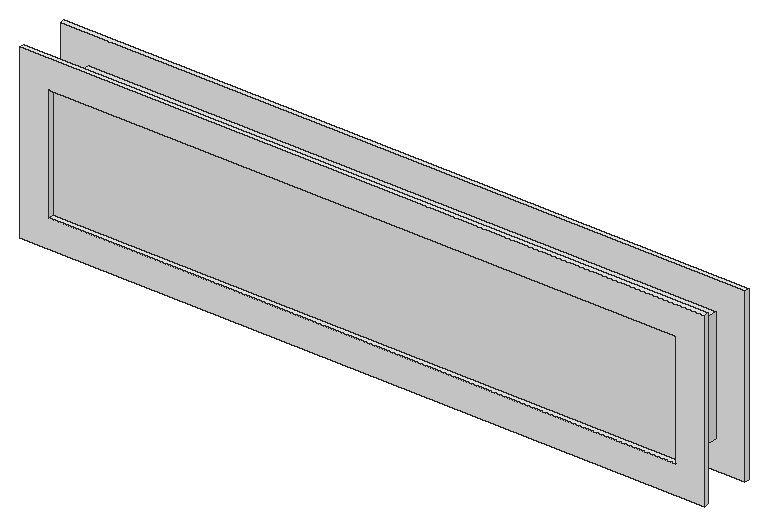
Revit family "DC_Holyoake_MEQ_DG-52-BFL_13", category Air Terminals, Revit 2014
Parameters (values of type "600 x 150")
  Width = 600 mm
  US Door Grille = 200 mm
  URL = "http://www.holyoake.com/"
  Type Comments = "Door Relief Grille"  # constant formula
  Static Pressure Min = "< 10 Pa"  # constant formula
  Static Pressure Max = "30 Pa"
  Noise Level NC Min = " < 10 NC "  # constant formula
  Noise Level NC Max = "28 NC"
  Model = "DG-25-BFL"
  Min Flow = 20.0 L/s
  Max Flow = 110.0 L/s
  Material Flange = Holyoake-Aluminium
  Material Body = Holyoake Door Grille
  Manufacturer = "Holyoake"  # constant formula
  Holyoake Product Range = " Holyoake Door Relief Grilles"  # constant formula
  Height = 150 mm
  Flange = 25 mm
  Door Thickness = 40 mm
  Description = "Door Relief Grilles shall be Holyoake Model D25BFL of extruded aluminium construction with sight proof Chevron Blades together with purpose made telescopic backing flange with concealed fixing system. Door Relief Grilles shall be suitable for 30mm to 52mm doors. Door Relief grilles shall be finished in Natural anodised aluminium, powder coat."  # constant formula
Types (8, lengths in mm): name | Static Pressure Max | Noise Level NC Max | Max Flow | Height
  (no name) | "30 Pa" | "28 NC" | 110.0 L/s | 150
  600 x 150 | "30 Pa" | "28 NC" | 110.0 L/s | 150
  600 x 200 | "33 Pa" | "33 NC" | 170.0 L/s | 200
  600 x 250 | "33 Pa" | "34 NC" | 220.0 L/s | 250
  600 x 300 | "34 Pa" | "35 NC" | 260.0 L/s | 300
  600 x 450 | "35 Pa" | "35 NC" | 390.0 L/s | 450
  600 x 600 | "32 Pa" | "35 NC" | 500.0 L/s | 600
  600 x 400 | "32 Pa" | "35 NC" | 340.0 L/s | 400
Reference planes
  plane 1 "Center (Front/Back)": y = 0
  plane 2: z = 0
  plane 3 "Center (Left/Right)": x = 0
  plane 4: x = 600
  plane 5: y = 40
  plane 6: z = 200
  plane 7: z = 350
Forms (mm)
  Extrusion 1, solid, material "Holyoake Door Grille" <- "Material Body"
    sketch origin (0, 0, 0) x (1, 0, 0) y (0, 0, 1)
      loop
        line (25, 325) -> (25, 225) -> (575, 225) -> (575, 325) -> (25, 325)
    from 0 to -40
  Sweep 2, solid, material "Holyoake-Aluminium" <- "Material Flange"
    path origin (0, 0, 0) x (1, 0, 0) y (0, 0, 1)
      loop
        line (0, 350) -> (0, 200) -> (600, 200) -> (600, 350) -> (0, 350)
    profile origin (300, 0, 350) x (0, 0, 1) y (0, -1, 0)
      loop
        line (0, 0) -> (0, 4) -> (-25, 4) -> (-25, 0) -> (0, 0)
  Sweep 3, solid, material "Holyoake-Aluminium" <- "Material Flange"
    path origin (0, 40, 0) x (1, 0, 0) y (0, 0, -1)
      loop
        line (0, -350) -> (600, -350) -> (600, -200) -> (0, -200) -> (0, -350)
    profile origin (300, 40, 350) x (0, 0, -1) y (0, 1, 0)
      loop
        line (0, 0) -> (25, 0) -> (25, 4) -> (0, 4) -> (0, 0)
Dimensions and locks
  "Door Thickness": plane 1 "Center (Front/Back)" to plane 5
  "Width": plane 3 "Center (Left/Right)" to plane 4
  "US Door Grille": plane 6 to level
  "Height": plane 7 to plane 6
  "Flange": Extrusion 1 sketch curve to plane 3 "Center (Left/Right)"
  "Flange": plane 4 to Extrusion 1 sketch curve
  "Flange": plane 7 to Extrusion 1 sketch curve
  "Flange": Extrusion 1 sketch curve to plane 6
  plane 7 to Extrusion 1 = 25 mm
  Extrusion 1 to plane 6 = 25 mm
  Extrusion 1 to plane 3 "Center (Left/Right)" = 25 mm
  plane 4 to Extrusion 1 = 25 mm
  locked: Sweep 3 sketch curve to Sweep 3 sketch curve at 25
  locked: Sweep 2 sketch curve to profile plane at 25
  aligned and locked: plane 5 to Extrusion 1
  aligned and locked: plane 3 "Center (Left/Right)" to Sweep 2 sketch curve
  aligned and locked: Sweep 2 sketch curve to plane 7
  aligned and locked: plane 6 to Sweep 2 sketch curve
  aligned and locked: Sweep 2 sketch curve to plane 4
  aligned and locked: Sweep 3 to plane 5
Automatic sketch dimensions
  Sweep 2 sketch curve to plane 1 "Center (Front/Back)" = 0 mm
  profile plane to Sweep 2 sketch curve = 0 mm
  plane 1 "Center (Front/Back)" to Sweep 2 sketch curve = 4 mm
  Sweep 3 sketch curve to plane 3 "Center (Left/Right)" = 0 mm
  Sweep 3 sketch curve to plane 4 = 0 mm
  Sweep 3 sketch curve to plane 7 = 0 mm
  Sweep 3 sketch curve to plane 6 = 0 mm
  Sweep 3 sketch curve to profile plane = 0 mm  (x2)
  profile plane to Sweep 3 sketch curve = 4 mm
